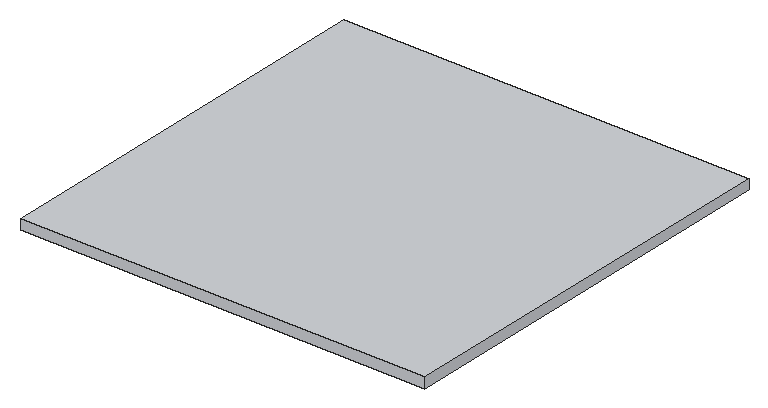
Revit family "4967200", category Aparatos sanitarios, Revit 2017
Family settings
  Anfitrión = Cara
  Cota de conector redondo = Diámetro de uso
  Tipo de pieza = Normal
  Número OmniClass = 23.45.55.14
  Título OmniClass = Single Faucets
  Corte con vacíos al cargar = No
  Compartido = No
  Punto de cálculo de habitación = No
Parameters (values of type "4967200")
  URL = "http://www.griferiasgalindo.com"
  Teléfono = "(+34) 915 782 575"
  TIPO DE AGUA = "Fria/Caliente"
  REFERENCIA = "4967200"
  Presión Máxima = "8 bar."
  PESO BRUTO = ""
  Modelo = "MECANISMO DUCHA EMPOTRABLE 3 VIAS"
  Material = LATON CROMADO
  Imagen de tipo = <Ninguno>
  Fabricante = "PRESTO IBÉRICA"
  Default Elevation = 1219.2 mm
  ENTRADA = "Hembra 1/2\""
  Descripción = "Mecanismo ducha empotrable 3 vías"
  Código de montaje = "C1030220"
  Contacto = "info@prestoiberica.com"
  Conexión AF = yes
  Conexión AC = yes
  Comentarios de tipo = "Cartucho sellado con discos cerámicos de Ø 35 mm.  Cartucho desviador Ø25 mm. Entradas y salidas hembra de 1/2\"."
  CIERRE = "Manual"
  CAUDAL = ""
  Accionamiento = "Madiante maneta"
Reference planes
  plane 1 "Centro (Frontal/Posterior)": y = 0
  plane 2: z = 0
  plane 3 "Centro (Izquierda/Derecha)": x = 0
Forms (mm)
  Extrusion 1, solid
    sketch origin (0, 0, 0) x (1, 0, 0) y (0, 1, 0)
      loop
        line (-100, 100) -> (-100, -100) -> (100, -100) -> (100, 100) -> (-100, 100)
    from 0 to -5
Dimensions and locks
  Extrusion 1 sketch curve to plane 1 "Centro (Frontal/Posterior)" = 100 mm
  aligned and locked: plane 2 to Extrusion 1
  aligned and locked: level to Extrusion 1
Connectors
  piping at (0, 0, 0), diameter 12.7
    settings: on import instance, index 1, connector inside diameter 609.6 mm, connector length 0 mm, flow factor 0, pipe flow 0.0 L/s, pressure drop 0.0 Pa, fitting loss kfactor 0, connector angle 0.00°, fixture units 0, engagement length 0 mm, angle of deflection 0.00°, flow configuration 0, flow direction 1, fitting loss method 0, system type 7, joint type 0, gender type 0, connector reference index -1, connector utility 0, adjustable connector no, is connector primary yes, connector description ""
